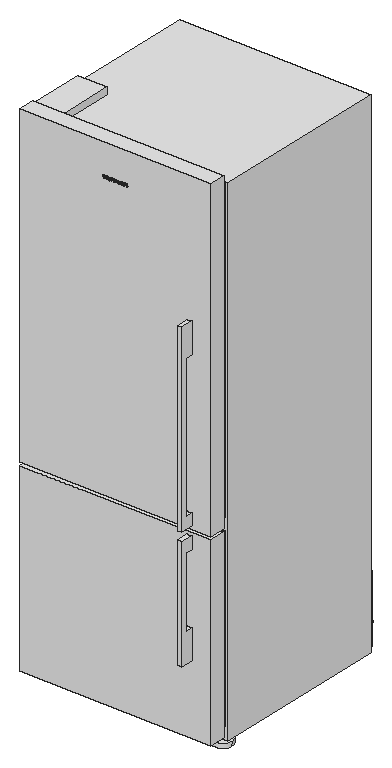
Revit family "Fisher & Paykel Fridge E402BLXFD4", category Generic Models, host Floor, Revit 2013
Parameters
  URL = "www.fisherpaykel.com"
  Model = "E402BLXFD4"
  Manufacturer = "Fisher&Paykel"
  Fridge = Fridge
  Designed by = "www.modlar.com"
  Description = "Fisher&Paykel Fridge E402BLXFD4"
Reference planes
  plane 1 "Center (Front/Back)": y = 0
  plane 2: z = 0
  plane 3 "Center (Left/Right)": x = 0
Dimensions and locks
  equal spacing: host sketch curve, plane 1 "Center (Front/Back)", host sketch curve
  equal spacing: host sketch curve, plane 3 "Center (Left/Right)", host sketch curve
  host sketch curve to host sketch curve = 3048.000 mm  (x2)
  aligned and locked: level to plane 2
Nested families
  nested 1: "E402BLRXFD4" at (0, 0, 0) x (-1, 0, 0) z (0, 0, 1), type "E402BLRXFD4"
Definition of nested family "E402BLRXFD4"
  Parameters (values of type "E402BLRXFD4")
    Width = 635.000 mm
    URL = "www.fisherpaykel.com"
    Manufacturer = "Fisher&Paykel"
    Fridge = Fridge
    Model = "E402BLXFDU4"
    Height = 1715.000 mm
    Description = "Fisher&Paykel Fridge E402BLXFDU4"
    Depth = 665.000 mm
  Reference planes
    plane 1 "Center (Front/Back)": y = 0
    plane 2: z = 0
    plane 3 "Center (Left/Right)": x = 0
    plane 4: x = -317.5
    plane 5: y = 332.5
    plane 6: y = -332.5
    plane 7: x = 317.5
    plane 8: z = 1715
    plane 9: y = -277.5
    plane 10: z = 24
    plane 11: z = 41
    plane 12: z = 629
    plane 13: z = 639
    plane 14: y = -373.5
    plane 15: x = -254.138
    plane 16: x = -239.5
    plane 17: z = 1283.576
    plane 18: z = 648
    plane 19: z = 619
    plane 20: z = 246
    plane 21: z = 1688
    plane 22: y = -107.5
    plane 23: x = 316.5
    plane 24: y = 362.5
    plane 25: z = 255
    plane 26: z = 225
    plane 27: x = -297.5
    plane 28: x = 297.5
    plane 29: z = 85
    plane 30: x = 280
    plane 31: y = 382.5
    plane 32: z = 1709.5
    plane 33: z = 1688
    plane 34: y = -262.3
    plane 35: x = -309.7
    plane 36: x = 309.7
    plane 37: z = 1682.5
    plane 38: z = 686.5
    plane 39: z = 649
    plane 40: z = 63
    plane 41: z = 14
    plane 42: y = -215.5
    plane 43: y = -164.5
    plane 44: x = 283
    plane 45: z = 1610
    plane 46: x = 87.062
    plane 47: z = 1247.676
    plane 48 "Ice": y = -277.7
    plane 49: y = -243.577
    plane 50: y = -174.677
    plane 51: y = 266.823
  Forms (mm)
    Extrusion 1, solid, material "Fridge" <- "Fridge"
      sketch origin (0, 0, 0) x (1, 0, 0) y (0, 1, 0)
        loop
          line (-317, 332.5) -> (-317, -262.3) -> (317, -262.3) -> (317, 332.5) -> (-317, 332.5)
      from 24 to 1688
    Extrusion 2, solid, material "Fridge" <- "Fridge"
      sketch origin (0, 0, 0) x (1, 0, 0) y (0, 0, 1)
        loop
          line (-317.5, 41) -> (317.5, 41) -> (317.5, 653) -> (-317.5, 653) -> (-317.5, 41)
        loop
          line (-317.5, 663) -> (317.5, 663) -> (317.5, 1715) -> (-317.5, 1715) -> (-317.5, 663)
      from 277.5 to 332.5
    Extrusion 3, solid, material "Fridge" <- "Fridge"
      sketch origin (0.362, 0, 0) x (0, 1, 0) y (0, 0, 1)
        loop
          line (-373.5, 1283.576) -> (-373.5, 672.5) -> (-332.5, 672.5) -> (-332.5, 712.5) -> (-359.031, 712.5) -> (-359.031, 1183.576) -> (-332.5, 1183.576) -> (-332.5, 1283.576) -> (-373.5, 1283.576)
        loop
          line (-373.5, 643.5) -> (-373.5, 270.5) -> (-332.5, 270.5) -> (-332.5, 370.5) -> (-359.031, 370.5) -> (-359.031, 603.5) -> (-332.5, 603.5) -> (-332.5, 643.5) -> (-373.5, 643.5)
      from -254.5 to -239.5
    Extrusion 4, solid, material "Fridge" <- "Fridge"
      sketch origin (0, 0, 0) x (0, 1, 0) y (0, 0, 1)
        loop
          line (362.5, 24) -> (362.5, 248.611) -> (332.5, 278.611) -> (332.5, 24) -> (362.5, 24)
      from -297 to 297
    Extrusion 5, solid, material "Fridge" <- "Fridge"
      sketch origin (0, 0, 0) x (0, 1, 0) y (0, 0, 1)
        loop
          line (-277.5, 62.25) -> (-262.3, 62.25) -> (-262.3, 648.25) -> (-277.5, 648.25) -> (-277.5, 62.25)
        loop
          line (-277.5, 685.5) -> (-262.3, 685.5) -> (-262.3, 1682.4) -> (-277.5, 1682.4) -> (-277.5, 685.5)
      from -309.7 to 309.7
    Extrusion 6, solid, material "Fridge" <- "Fridge"
      sketch origin (0, -15.277, 0) x (1, 0, 0) y (0, 1, 0)
        loop
          circle (-288, -228.3) r 5
        loop
          circle (288, -228.3) r 5
      from 14 to 24
    Extrusion 7, solid, material "Fridge" <- "Fridge"
      sketch origin (0, -15.381, 0) x (1, 0, 0) y (0, 1, 0)
        loop
          circle (-288, -228.3) r 30
        loop
          circle (288, -228.3) r 30
      from 0 to 14
    Extrusion 8, solid, material "Fridge" <- "Fridge"
      sketch origin (0, -2.38, 0.038) x (0, 1, 0) y (0, 0, 1)
        loop
          line (-148.297, 24) -> (-196.297, 24)
          arc (-196.297, 24) -> (-172.297, 0) -> (-148.297, 24) r 24
        loop
          arc (245.203, 24) -> (269.203, 0) -> (293.203, 24) r 24
          line (293.203, 24) -> (245.203, 24)
      from 248 to 265
    Extrusion 9, solid, material "Fridge" <- "Fridge"
      sketch origin (0, -2.342, 0) x (0, 1, 0) y (0, 0, -1)
        loop
          arc (-148.335, -24) -> (-172.335, 0) -> (-196.335, -24) r 24
          line (-196.335, -24) -> (-148.335, -24)
        loop
          line (245.165, -24) -> (293.165, -24)
          arc (293.165, -24) -> (269.165, 0) -> (245.165, -24) r 24
      from 248 to 265
    Extrusion 10, solid, material "Fridge" <- "Fridge"
      sketch origin (0, 0, 0) x (1, 0, 0) y (0, 1, 0)
        loop
          line (218.9, -92.5) -> (218.9, -277.5) -> (315.9, -277.5) -> (315.9, -92.5) -> (218.9, -92.5)
      from 1688 to 1709.5
    Extrusion 11, solid, material "Fridge" <- "Fridge"
      sketch origin (0.486, 0, 0) x (-1, 0, 0) y (0, 0, -1)
        loop
          circle (280, -85) r 5
      from -362.5 to -382.5
  Dimensions and locks
    equal spacing: plane 4, plane 3 "Center (Left/Right)", plane 7
    equal spacing: plane 5, plane 1 "Center (Front/Back)", plane 6
    "Depth": plane 5 to plane 6
    "Width": plane 4 to plane 7
    "Height": plane 8 to level
    plane 13 to plane 12 to plane 11 to plane 10 to level = 10.000 mm, 588.000 mm, 17.000 mm, 24.000 mm
    plane 14 to plane 6 = 41.000 mm
    plane 4 to plane 15 to plane 16 = 63.362 mm, 14.638 mm
    plane 21 to level = 1688.000 mm
    plane 22 to plane 9 = 170.000 mm
    plane 23 to plane 7 = 1.000 mm
    plane 24 to plane 6 = 695.000 mm
    level to plane 26 to plane 25 = 225.000 mm, 30.000 mm
    plane 4 to plane 27 = 20.000 mm
    plane 7 to plane 28 = 20.000 mm
    plane 29 to plane 10 = 61.000 mm
    plane 30 to plane 28 = 17.500 mm
    plane 31 to plane 24 = 20.000 mm
    plane 8 to plane 32 to plane 33 = 5.500 mm, 21.500 mm
    plane 34 to plane 9 = 15.200 mm
    plane 4 to plane 35 = 7.800 mm
    plane 7 to plane 36 = 7.800 mm
    plane 21 to plane 37 to plane 38 to plane 39 to plane 40 = 5.500 mm, 996.000 mm, 37.500 mm, 586.000 mm
    plane 10 to plane 41 = 10.000 mm
    plane 42 to plane 34 = 46.800 mm
    plane 6 to plane 9 to plane 34 = 55.000 mm, 15.200 mm
    plane 34 to plane 5 = 594.800 mm
    plane 20 to level = 246.000 mm
    plane 19 to level = 619.000 mm
    plane 12 to level = 629.000 mm
    plane 13 to level = 639.000 mm
    level to plane 18 = 648.000 mm
    level to plane 17 = 1283.576 mm
    plane 8 to plane 45 = 105.000 mm
    plane 4 to plane 15 = 63.362 mm
    plane 46 to Extrusion 2 = 404.562 mm
    plane 8 to plane 17 = 431.424 mm
    Extrusion 3 to Extrusion 3 = 611.076 mm
    Extrusion 3 to Extrusion 3 = 373.000 mm
    Extrusion 3 sketch curve to Extrusion 3 sketch curve = 100.000 mm
    Extrusion 2 to plane 47 = 467.324 mm
    plane 51 to plane 50 to plane 49 = 441.500 mm, 68.900 mm locked
    aligned and locked: plane 2 to level
    aligned and locked: Extrusion 1 sketch curve to plane 5
    aligned and locked: Extrusion 1 to plane 10
    aligned and locked: Extrusion 2 sketch curve to plane 11
    aligned and locked: Extrusion 2 sketch curve to plane 4  (x2)
    aligned and locked: Extrusion 2 sketch curve to plane 7
    aligned and locked: plane 14 to Extrusion 3 sketch curve  (x2)
    aligned and locked: Extrusion 3 sketch curve to plane 6  (x2)
    aligned and locked: plane 21 to Extrusion 1
    aligned and locked: Extrusion 2 sketch curve to plane 8
    aligned and locked: plane 24 to Extrusion 4 sketch curve
    aligned and locked: plane 10 to Extrusion 4 sketch curve
    aligned and locked: plane 5 to Extrusion 4 sketch curve
    aligned and locked: Extrusion 1 sketch curve to plane 34
    aligned and locked: plane 9 to Extrusion 5 sketch curve  (x2)
    aligned and locked: Extrusion 5 sketch curve to plane 34  (x2)
    aligned and locked: Extrusion 6 to Extrusion 1
    aligned and locked: plane 41 to Extrusion 6
    aligned and locked: Extrusion 7 to level
    aligned and locked: Extrusion 7 to Extrusion 6
    aligned and locked: plane 6 to Extrusion 2
    aligned and locked: Extrusion 10 to Extrusion 1
  Automatic sketch dimensions
    plane 4 to Extrusion 1 sketch curve = 0.500 mm
    plane 7 to Extrusion 1 sketch curve = 0.500 mm
    plane 7 to Extrusion 2 sketch curve = 0.000 mm
    Extrusion 2 sketch curve to plane 39 = 4.000 mm
    Extrusion 2 sketch curve to Extrusion 2 sketch curve = 10.000 mm
    Extrusion 3 sketch curve to plane 6 = 0.000 mm  (x2)
    plane 17 to Extrusion 3 sketch curve = 0.000 mm
    plane 14 to Extrusion 3 sketch curve = 14.469 mm  (x2)
    Extrusion 3 sketch curve to plane 38 = 26.000 mm
    plane 38 to Extrusion 3 sketch curve = 14.000 mm
    plane 13 to Extrusion 3 sketch curve = 4.500 mm
    plane 19 to Extrusion 3 sketch curve = 15.500 mm
    Extrusion 3 sketch curve to plane 25 = 115.500 mm
    Extrusion 3 sketch curve to plane 25 = 15.500 mm
    Extrusion 4 sketch curve to plane 20 = 2.611 mm
    Extrusion 4 sketch curve to plane 25 = 23.611 mm
    plane 40 to Extrusion 5 sketch curve = 0.750 mm
    Extrusion 5 sketch curve to plane 18 = 0.250 mm
    plane 38 to Extrusion 5 sketch curve = 1.000 mm
    plane 37 to Extrusion 5 sketch curve = 0.100 mm
    plane 27 to Extrusion 6 sketch curve = 9.500 mm
    plane 44 to Extrusion 6 sketch curve = 5.000 mm
    Extrusion 6 sketch curve to plane 34 = 18.723 mm  (x2)
    plane 27 to Extrusion 7 sketch curve = 9.500 mm
    plane 44 to Extrusion 7 sketch curve = 5.000 mm
    Extrusion 7 sketch curve to plane 34 = 18.619 mm  (x2)
    plane 10 to Extrusion 8 sketch curve = 0.038 mm  (x2)
    Extrusion 8 sketch curve to plane 42 = 16.823 mm
    Extrusion 8 sketch curve to plane 43 = 13.823 mm
    Extrusion 8 sketch curve to plane 5 = 89.677 mm
    Extrusion 8 sketch curve to plane 5 = 41.677 mm
    Extrusion 9 sketch curve to plane 10 = 0.000 mm  (x2)
    Extrusion 9 sketch curve to plane 42 = 16.823 mm
    Extrusion 9 sketch curve to plane 43 = 13.823 mm
    Extrusion 9 sketch curve to plane 5 = 89.677 mm
    Extrusion 9 sketch curve to plane 5 = 41.677 mm
    plane 9 to Extrusion 10 sketch curve = 0.000 mm
    Extrusion 10 sketch curve to plane 30 = 61.100 mm
    plane 22 to Extrusion 10 sketch curve = 15.000 mm
    Extrusion 10 sketch curve to plane 23 = 0.600 mm
    Extrusion 11 sketch curve to plane 29 = 0.000 mm
    Extrusion 11 sketch curve to plane 27 = 17.986 mm
    radius of Extrusion 6 sketch curve = 5.000 mm  (x2)
    radius of Extrusion 7 sketch curve = 30.000 mm  (x2)
    radius of Extrusion 11 sketch curve = 5.000 mm
  Nested families
    nested 1: "FP_logo80mm" at (-0.05, -332.5, 1610) x (1, 0, 0) z (0, -1, 0), type "FP_logo80mm"
  Definition of nested family "FP_logo80mm"
    Parameters (values of type "FP_logo80mm")
      thickness = 0.519 mm
      LOGO = logo
      Default Elevation = 1219.200 mm
    Reference planes
      plane 1 "Center (Front/Back)": y = 0
      plane 2: z = 0
      plane 3 "Center (Left/Right)": x = 0
      plane 4: x = -40
      plane 5: x = 40
    Forms (mm)
      Extrusion 1, solid
        sketch origin (0, 0, 0) x (1, 0, 0) y (0, 1, 0)
          loop
            line (-1219.2, 1219.2) -> (-1219.2, -1219.2) -> (1219.2, -1219.2) -> (1219.2, 1219.2) -> (-1219.2, 1219.2)
        from 0 to -304.8
      Extrusion 2, solid, material "logo" <- "LOGO"
        sketch origin (0, 0, 0) x (1, 0, 0) y (0, 1, 0)
          loop
            line (-39.973, 0) -> (-38.149, 0) -> (-37.324, 3.12) -> (-33.095, 3.12) -> (-32.769, 4.326) -> (-36.997, 4.326) -> (-36.455, 6.388) -> (-31.999, 6.388) -> (-31.672, 7.594) -> (-37.95, 7.594) -> (-39.973, 0)
          loop
            line (-33.174, 0) -> (-31.565, 0) -> (-30.155, 5.317) -> (-31.766, 5.317) -> (-33.174, 0)
          loop
            line (-31.153, 7.594) -> (-31.452, 6.503) -> (-29.842, 6.503) -> (-29.544, 7.594) -> (-31.153, 7.594)
          loop
            arc (-21.859, 3.41) -> (-20.516, 4.334) -> (-19.01, 3.711) r 1.707
            line (-19.01, 3.711) -> (-19.991, 0) -> (-18.382, 0) -> (-17.426, 3.618)
            arc (-17.426, 3.618) -> (-17.311, 4.103) -> (-17.426, 4.587) r 1.08
            arc (-17.426, 4.587) -> (-19.536, 5.409) -> (-21.585, 4.441) r 2.865
            line (-21.585, 4.441) -> (-20.746, 7.594) -> (-22.354, 7.594) -> (-24.375, 0) -> (-22.766, 0) -> (-21.859, 3.41)
          loop
            arc (-24.147, 3.86) -> (-24.152, 4.809) -> (-24.955, 5.317) r 0.989
            arc (-24.955, 5.317) -> (-26.921, 5.544) -> (-28.852, 5.113) r 5.952
            arc (-28.852, 5.113) -> (-29.51, 4.665) -> (-29.925, 3.985) r 1.892
            arc (-29.925, 3.985) -> (-29.93, 2.873) -> (-28.984, 2.287) r 1.139
            line (-28.984, 2.287) -> (-26.851, 2.194)
            arc (-26.851, 2.194) -> (-26.315, 1.457) -> (-26.993, 0.846) r 0.681
            line (-26.993, 0.846) -> (-28.246, 0.846)
            arc (-28.246, 0.846) -> (-28.752, 1.017) -> (-28.974, 1.502) r 0.672
            line (-28.974, 1.502) -> (-30.625, 1.526)
            arc (-30.625, 1.526) -> (-30.634, 0.738) -> (-30.121, 0.141) r 1.115
            arc (-30.121, 0.141) -> (-28.06, -0.087) -> (-26, 0.141) r 9.428
            arc (-26, 0.141) -> (-25.075, 0.727) -> (-24.489, 1.651) r 2.496
            arc (-24.489, 1.651) -> (-24.51, 2.62) -> (-25.339, 3.123) r 1.007
            line (-25.339, 3.123) -> (-27.936, 3.236)
            arc (-27.936, 3.236) -> (-28.346, 3.457) -> (-28.426, 3.915) r 0.534
            arc (-28.426, 3.915) -> (-27.05, 4.513) -> (-25.7, 3.86) r 1.798
            line (-25.7, 3.86) -> (-24.147, 3.86)
          loop
            line (-11.007, 2.426) -> (-10.727, 3.991)
            arc (-10.727, 3.991) -> (-11.116, 4.929) -> (-12.053, 5.317) r 1.326
            line (-12.053, 5.317) -> (-14.377, 5.317)
            arc (-14.377, 5.317) -> (-17.024, 3.101) -> (-15.507, 0) r 2.8
            arc (-15.507, 0) -> (-13.123, 0.051) -> (-11.264, 1.545) r 3.705
            line (-11.264, 1.545) -> (-12.783, 1.704)
            arc (-12.783, 1.704) -> (-14.548, 0.858) -> (-15.72, 2.426) r 1.541
            line (-15.72, 2.426) -> (-11.007, 2.426)
          loop
            line (-15.279, 3.222) -> (-12.375, 3.222)
            arc (-12.375, 3.222) -> (-13.827, 4.4) -> (-15.279, 3.222) r 1.484
          loop
            line (-10.979, 0) -> (-9.368, 0) -> (-8.545, 3.13)
            arc (-8.545, 3.13) -> (-7.593, 4.145) -> (-6.522, 3.257) r 1.015
            line (-6.522, 3.257) -> (-5.013, 3.257)
            arc (-5.013, 3.257) -> (-4.831, 4.255) -> (-5.224, 5.189) r 1.778
            arc (-5.224, 5.189) -> (-6.913, 5.358) -> (-8.325, 4.416) r 2.516
            line (-8.325, 4.416) -> (-7.961, 5.317) -> (-9.57, 5.317) -> (-10.979, 0)
          loop
            line (1.496, 3.051) -> (1.247, 2.119) -> (-0.805, 3.782)
            arc (-0.805, 3.782) -> (0.502, 3.925) -> (1.741, 4.363) r 5.69
            arc (1.741, 4.363) -> (2.199, 5.036) -> (2.337, 5.838) r 1.914
            arc (2.337, 5.838) -> (2.124, 6.385) -> (1.623, 6.689) r 0.914
            arc (1.623, 6.689) -> (0.05, 6.862) -> (-1.522, 6.689) r 7.232
            arc (-1.522, 6.689) -> (-2.247, 6.331) -> (-2.726, 5.679) r 1.704
            arc (-2.726, 5.679) -> (-2.957, 4.751) -> (-2.433, 3.951) r 1.195
            arc (-2.433, 3.951) -> (-3.605, 3.599) -> (-4.496, 2.76) r 2.656
            line (-4.496, 2.76) -> (-4.868, 1.542)
            arc (-4.868, 1.542) -> (-4.563, 0.454) -> (-3.528, 0) r 1.321
            arc (-3.528, 0) -> (-1.911, -0.118) -> (-0.293, 0) r 11.162
            arc (-0.293, 0) -> (0.658, 0.288) -> (1.483, 0.841) r 3.362
            line (1.483, 0.841) -> (2.546, 0) -> (3.313, 0.589) -> (1.987, 1.517)
            arc (1.987, 1.517) -> (2.291, 2.263) -> (2.456, 3.051) r 4.421
            line (2.456, 3.051) -> (1.496, 3.051)
          loop
            line (0.858, 1.329) -> (-1.93, 3.55)
            arc (-1.93, 3.55) -> (-3.097, 3.251) -> (-3.67, 2.191) r 1.502
            arc (-3.67, 2.191) -> (-3.639, 1.098) -> (-2.689, 0.559) r 1.112
            arc (-2.689, 0.559) -> (-0.837, 0.579) -> (0.858, 1.329) r 4.604
          loop
            arc (9.287, 2.448) -> (10.862, 2.797) -> (12.142, 3.779) r 3.728
            arc (12.142, 3.779) -> (12.63, 5.046) -> (12.833, 6.388) r 6.271
            arc (12.833, 6.388) -> (12.012, 7.359) -> (10.762, 7.594) r 1.901
            line (10.762, 7.594) -> (5.721, 7.594) -> (3.7, 0) -> (5.522, 0) -> (6.177, 2.448) -> (9.287, 2.448)
          loop
            line (7.217, 6.388) -> (6.505, 3.7) -> (9.019, 3.7)
            arc (9.019, 3.7) -> (9.752, 3.81) -> (10.42, 4.13) r 2.5
            line (10.42, 4.13) -> (10.851, 5.315)
            arc (10.851, 5.315) -> (10.537, 6.074) -> (9.778, 6.388) r 1.073
            line (9.778, 6.388) -> (7.217, 6.388)
          loop
            arc (14.178, 3.779) -> (14.386, 4.281) -> (14.888, 4.489) r 0.71
            arc (14.888, 4.489) -> (15.608, 4.553) -> (16.327, 4.489) r 4.081
            arc (16.327, 4.489) -> (16.761, 4.143) -> (16.709, 3.59) r 0.584
            line (16.709, 3.59) -> (16.454, 2.634)
            arc (16.454, 2.634) -> (14.254, 3.318) -> (12.121, 2.448) r 3.413
            arc (12.121, 2.448) -> (11.689, 1.04) -> (12.731, 0) r 1.427
            arc (12.731, 0) -> (14.479, -0.029) -> (16.064, 0.709) r 3.9
            line (16.064, 0.709) -> (15.513, -0.079) -> (17.382, 0) -> (18.307, 3.473)
            arc (18.307, 3.473) -> (18.406, 4.484) -> (17.676, 5.192) r 1.171
            arc (17.676, 5.192) -> (15.894, 5.513) -> (14.094, 5.317) r 6.337
            arc (14.094, 5.317) -> (13.178, 4.696) -> (12.556, 3.779) r 2.937
            line (12.556, 3.779) -> (14.178, 3.779)
          loop
            line (19.502, 0) -> (20.518, 0)
            arc (20.518, 0) -> (19.648, -1.072) -> (18.307, -1.401) r 2.165
            line (18.307, -1.401) -> (18.051, -2.334)
            arc (18.051, -2.334) -> (20.306, -2.036) -> (21.81, -0.331) r 3.242
            line (21.81, -0.331) -> (25.057, 5.317) -> (23.391, 5.317) -> (20.897, 0.831) -> (20.443, 5.317) -> (18.735, 5.317) -> (19.502, 0)
          loop
            line (26.487, 3.246) -> (27.638, 7.594) -> (26.03, 7.594) -> (24.008, 0) -> (25.618, 0) -> (26.243, 2.356) -> (28.165, 0) -> (30.144, 0) -> (28.11, 2.812) -> (31.085, 5.317) -> (29.234, 5.317) -> (26.487, 3.246)
          loop
            line (38.418, 7.594) -> (36.396, 0) -> (38.006, 0) -> (40.027, 7.594) -> (38.418, 7.594)
          loop
            line (36.424, 2.426) -> (36.704, 3.991)
            arc (36.704, 3.991) -> (36.316, 4.929) -> (35.378, 5.317) r 1.326
            line (35.378, 5.317) -> (33.054, 5.317)
            arc (33.054, 5.317) -> (30.407, 3.101) -> (31.924, 0) r 2.8
            arc (31.924, 0) -> (34.308, 0.051) -> (36.168, 1.545) r 3.705
            line (36.168, 1.545) -> (34.649, 1.704)
            arc (34.649, 1.704) -> (32.884, 0.858) -> (31.712, 2.426) r 1.541
            line (31.712, 2.426) -> (36.424, 2.426)
          loop
            line (32.153, 3.222) -> (35.057, 3.222)
            arc (35.057, 3.222) -> (33.605, 4.4) -> (32.153, 3.222) r 1.484
          loop
            arc (-1.277, 4.164) -> (0.093, 4.363) -> (1.244, 5.131) r 3.139
            arc (1.244, 5.131) -> (1.322, 5.648) -> (1.056, 6.098) r 0.779
            arc (1.056, 6.098) -> (-0.009, 6.236) -> (-1.073, 6.098) r 4.172
            arc (-1.073, 6.098) -> (-2.001, 5.218) -> (-1.277, 4.164) r 0.984
          loop
            spline (12.885, 1.386) -> (12.958, 1.19) -> (13.135, 1.017) -> (13.405, 0.878) -> (13.749, 0.784) -> (14.143, 0.74) -> (14.562, 0.75) -> (14.976, 0.813) -> (15.357, 0.925) -> (15.68, 1.077) -> (15.921, 1.261) -> (16.066, 1.462) -> (16.103, 1.668)
            spline (16.103, 1.668) -> (16.03, 1.864) -> (15.853, 2.038) -> (15.584, 2.176) -> (15.24, 2.27) -> (14.845, 2.314) -> (14.426, 2.304) -> (14.012, 2.241) -> (13.631, 2.13) -> (13.308, 1.977) -> (13.067, 1.794) -> (12.923, 1.592) -> (12.885, 1.386)
        from 0 to 0.519
    Dimensions and locks
      "thickness": Extrusion 2 to plane 2
      equal spacing: plane 4, plane 3 "Center (Left/Right)", plane 5
      plane 4 to plane 5 = 80.000 mm
      aligned and locked: plane 2 to Extrusion 1
      aligned and locked: level to Extrusion 1
    Automatic sketch dimensions
      Extrusion 1 sketch curve to Extrusion 1 sketch curve = 2438.400 mm  (x2)
      plane 1 "Center (Front/Back)" to Extrusion 2 sketch curve = 0.000 mm  (x19)
      plane 4 to Extrusion 2 sketch curve = 0.027 mm
      plane 1 "Center (Front/Back)" to Extrusion 2 sketch curve = 2.334 mm
      Extrusion 2 sketch curve to Extrusion 2 sketch curve = 1.823 mm
      plane 4 to Extrusion 2 sketch curve = 2.050 mm
      plane 4 to Extrusion 2 sketch curve = 2.676 mm
      Extrusion 2 sketch curve to Extrusion 2 sketch curve = 0.327 mm  (x2)
      Extrusion 2 sketch curve to Extrusion 2 sketch curve = 1.495 mm
      Extrusion 2 sketch curve to Extrusion 2 sketch curve = 4.975 mm
      Extrusion 2 sketch curve to Extrusion 2 sketch curve = 0.079 mm
      Extrusion 2 sketch curve to Extrusion 2 sketch curve = 0.326 mm
      Extrusion 2 sketch curve to Extrusion 2 sketch curve = 0.770 mm
      Extrusion 2 sketch curve to Extrusion 2 sketch curve = 0.233 mm
      Extrusion 2 sketch curve to Extrusion 2 sketch curve = 1.609 mm  (x3)
      Extrusion 2 sketch curve to Extrusion 2 sketch curve = 0.548 mm
      Extrusion 2 sketch curve to Extrusion 2 sketch curve = 0.520 mm
      Extrusion 2 sketch curve to plane 1 "Center (Front/Back)" = 1.526 mm
      Extrusion 2 sketch curve to Extrusion 2 sketch curve = 0.941 mm
      Extrusion 2 sketch curve to Extrusion 2 sketch curve = 1.611 mm  (x2)
      Extrusion 2 sketch curve to Extrusion 2 sketch curve = 0.313 mm
      Extrusion 2 sketch curve to Extrusion 2 sketch curve = 0.298 mm
      Extrusion 2 sketch curve to plane 1 "Center (Front/Back)" = 2.287 mm
      Extrusion 2 sketch curve to Extrusion 2 sketch curve = 1.641 mm
      Extrusion 2 sketch curve to plane 1 "Center (Front/Back)" = 1.502 mm
      Extrusion 2 sketch curve to Extrusion 2 sketch curve = 0.009 mm
      Extrusion 2 sketch curve to Extrusion 2 sketch curve = 0.728 mm
      Extrusion 2 sketch curve to plane 1 "Center (Front/Back)" = 3.236 mm
      Extrusion 2 sketch curve to Extrusion 2 sketch curve = 1.048 mm
      Extrusion 2 sketch curve to Extrusion 2 sketch curve = 1.253 mm  (x2)
      Extrusion 2 sketch curve to plane 1 "Center (Front/Back)" = 2.194 mm
      Extrusion 2 sketch curve to Extrusion 2 sketch curve = 0.142 mm
      Extrusion 2 sketch curve to Extrusion 2 sketch curve = 1.152 mm
      Extrusion 2 sketch curve to plane 1 "Center (Front/Back)" = 3.123 mm
      Extrusion 2 sketch curve to Extrusion 2 sketch curve = 0.361 mm
      Extrusion 2 sketch curve to Extrusion 2 sketch curve = 2.618 mm
      Extrusion 2 sketch curve to Extrusion 2 sketch curve = 1.192 mm
      Extrusion 2 sketch curve to plane 1 "Center (Front/Back)" = 7.594 mm
      Extrusion 2 sketch curve to Extrusion 2 sketch curve = 1.793 mm
      Extrusion 2 sketch curve to plane 1 "Center (Front/Back)" = 3.410 mm
      Extrusion 2 sketch curve to Extrusion 2 sketch curve = 2.288 mm
      Extrusion 2 sketch curve to plane 1 "Center (Front/Back)" = 4.441 mm
      Extrusion 2 sketch curve to Extrusion 2 sketch curve = 0.274 mm
      Extrusion 2 sketch curve to Extrusion 2 sketch curve = 1.608 mm  (x2)
      Extrusion 2 sketch curve to Extrusion 2 sketch curve = 2.776 mm
      Extrusion 2 sketch curve to plane 1 "Center (Front/Back)" = 3.711 mm
      Extrusion 2 sketch curve to Extrusion 2 sketch curve = 2.574 mm
      Extrusion 2 sketch curve to plane 1 "Center (Front/Back)" = 3.618 mm
      Extrusion 2 sketch curve to Extrusion 2 sketch curve = 1.584 mm
      Extrusion 2 sketch curve to Extrusion 2 sketch curve = 1.706 mm
      Extrusion 2 sketch curve to Extrusion 2 sketch curve = 0.441 mm  (x2)
      Extrusion 2 sketch curve to Extrusion 2 sketch curve = 0.902 mm
      Extrusion 2 sketch curve to plane 1 "Center (Front/Back)" = 1.704 mm  (x2)
      Extrusion 2 sketch curve to Extrusion 2 sketch curve = 2.496 mm  (x2)
      Extrusion 2 sketch curve to Extrusion 2 sketch curve = 0.408 mm  (x3)
      Extrusion 2 sketch curve to Extrusion 2 sketch curve = 0.322 mm  (x2)
      Extrusion 2 sketch curve to plane 1 "Center (Front/Back)" = 1.545 mm  (x2)
      Extrusion 2 sketch curve to Extrusion 2 sketch curve = 1.519 mm  (x2)
      Extrusion 2 sketch curve to Extrusion 2 sketch curve = 0.257 mm  (x2)
      Extrusion 2 sketch curve to Extrusion 2 sketch curve = 0.285 mm
      Extrusion 2 sketch curve to plane 1 "Center (Front/Back)" = 3.991 mm
      Extrusion 2 sketch curve to Extrusion 2 sketch curve = 1.326 mm  (x2)
      Extrusion 2 sketch curve to Extrusion 2 sketch curve = 1.157 mm
      Extrusion 2 sketch curve to plane 1 "Center (Front/Back)" = 3.130 mm
      Extrusion 2 sketch curve to Extrusion 2 sketch curve = 2.183 mm
      Extrusion 2 sketch curve to plane 1 "Center (Front/Back)" = 4.416 mm
      Extrusion 2 sketch curve to Extrusion 2 sketch curve = 0.219 mm
      Extrusion 2 sketch curve to Extrusion 2 sketch curve = 0.364 mm
      Extrusion 2 sketch curve to Extrusion 2 sketch curve = 2.023 mm
      Extrusion 2 sketch curve to Extrusion 2 sketch curve = 1.509 mm
      Extrusion 2 sketch curve to plane 1 "Center (Front/Back)" = 1.542 mm
      Extrusion 2 sketch curve to Extrusion 2 sketch curve = 0.145 mm
      Extrusion 2 sketch curve to Extrusion 2 sketch curve = 0.517 mm
      Extrusion 2 sketch curve to plane 3 "Center (Left/Right)" = 1.930 mm
      Extrusion 2 sketch curve to plane 3 "Center (Left/Right)" = 0.805 mm
      plane 3 "Center (Left/Right)" to Extrusion 2 sketch curve = 0.858 mm
      Extrusion 2 sketch curve to Extrusion 2 sketch curve = 0.389 mm
      Extrusion 2 sketch curve to Extrusion 2 sketch curve = 0.625 mm  (x2)
      Extrusion 2 sketch curve to Extrusion 2 sketch curve = 0.249 mm
      Extrusion 2 sketch curve to Extrusion 2 sketch curve = 0.504 mm
      Extrusion 2 sketch curve to Extrusion 2 sketch curve = 0.959 mm
      Extrusion 2 sketch curve to Extrusion 2 sketch curve = 1.063 mm
      Extrusion 2 sketch curve to plane 1 "Center (Front/Back)" = 0.589 mm
      Extrusion 2 sketch curve to Extrusion 2 sketch curve = 0.766 mm
      Extrusion 2 sketch curve to Extrusion 2 sketch curve = 0.388 mm
      Extrusion 2 sketch curve to Extrusion 2 sketch curve = 1.821 mm
      Extrusion 2 sketch curve to Extrusion 2 sketch curve = 3.265 mm
      Extrusion 2 sketch curve to Extrusion 2 sketch curve = 0.655 mm
      Extrusion 2 sketch curve to Extrusion 2 sketch curve = 0.328 mm
      Extrusion 2 sketch curve to Extrusion 2 sketch curve = 1.496 mm
      Extrusion 2 sketch curve to Extrusion 2 sketch curve = 2.514 mm
      Extrusion 2 sketch curve to Extrusion 2 sketch curve = 0.267 mm
      Extrusion 2 sketch curve to Extrusion 2 sketch curve = 0.492 mm
      Extrusion 2 sketch curve to plane 1 "Center (Front/Back)" = 4.130 mm
      Extrusion 2 sketch curve to Extrusion 2 sketch curve = 0.642 mm
      Extrusion 2 sketch curve to Extrusion 2 sketch curve = 0.983 mm
      Extrusion 2 sketch curve to plane 1 "Center (Front/Back)" = 5.315 mm
      Extrusion 2 sketch curve to Extrusion 2 sketch curve = 1.073 mm
      Extrusion 2 sketch curve to Extrusion 2 sketch curve = 2.136 mm
      Extrusion 2 sketch curve to Extrusion 2 sketch curve = 1.622 mm
      plane 1 "Center (Front/Back)" to Extrusion 2 sketch curve = 0.079 mm
      Extrusion 2 sketch curve to Extrusion 2 sketch curve = 1.335 mm
      Extrusion 2 sketch curve to plane 1 "Center (Front/Back)" = 0.709 mm
      Extrusion 2 sketch curve to Extrusion 2 sketch curve = 0.551 mm
      Extrusion 2 sketch curve to plane 1 "Center (Front/Back)" = 2.634 mm
      Extrusion 2 sketch curve to Extrusion 2 sketch curve = 0.390 mm
      Extrusion 2 sketch curve to plane 1 "Center (Front/Back)" = 3.590 mm
      Extrusion 2 sketch curve to Extrusion 2 sketch curve = 0.255 mm
      Extrusion 2 sketch curve to Extrusion 2 sketch curve = 1.318 mm
      Extrusion 2 sketch curve to Extrusion 2 sketch curve = 0.669 mm
      Extrusion 2 sketch curve to plane 1 "Center (Front/Back)" = 3.473 mm
      Extrusion 2 sketch curve to Extrusion 2 sketch curve = 1.598 mm
      plane 1 "Center (Front/Back)" to Extrusion 2 sketch curve = 1.401 mm
      Extrusion 2 sketch curve to Extrusion 2 sketch curve = 0.256 mm
      Extrusion 2 sketch curve to Extrusion 2 sketch curve = 0.428 mm
      Extrusion 2 sketch curve to Extrusion 2 sketch curve = 1.195 mm
      Extrusion 2 sketch curve to plane 1 "Center (Front/Back)" = 5.317 mm  (x3)
      Extrusion 2 sketch curve to Extrusion 2 sketch curve = 1.708 mm
      Extrusion 2 sketch curve to Extrusion 2 sketch curve = 1.016 mm
      Extrusion 2 sketch curve to plane 1 "Center (Front/Back)" = 0.831 mm
      Extrusion 2 sketch curve to Extrusion 2 sketch curve = 0.379 mm
      plane 1 "Center (Front/Back)" to Extrusion 2 sketch curve = 0.331 mm
      Extrusion 2 sketch curve to Extrusion 2 sketch curve = 1.292 mm
      Extrusion 2 sketch curve to Extrusion 2 sketch curve = 2.948 mm
      Extrusion 2 sketch curve to Extrusion 2 sketch curve = 2.198 mm
      Extrusion 2 sketch curve to Extrusion 2 sketch curve = 1.666 mm
      Extrusion 2 sketch curve to Extrusion 2 sketch curve = 1.610 mm  (x2)
      Extrusion 2 sketch curve to Extrusion 2 sketch curve = 0.973 mm
      Extrusion 2 sketch curve to plane 1 "Center (Front/Back)" = 2.356 mm
      Extrusion 2 sketch curve to plane 1 "Center (Front/Back)" = 3.246 mm
      Extrusion 2 sketch curve to Extrusion 2 sketch curve = 0.243 mm
      Extrusion 2 sketch curve to plane 1 "Center (Front/Back)" = 2.812 mm
      Extrusion 2 sketch curve to Extrusion 2 sketch curve = 1.623 mm
      Extrusion 2 sketch curve to Extrusion 2 sketch curve = 2.547 mm
      Extrusion 2 sketch curve to Extrusion 2 sketch curve = 1.124 mm
      Extrusion 2 sketch curve to Extrusion 2 sketch curve = 1.979 mm
      Extrusion 2 sketch curve to Extrusion 2 sketch curve = 1.851 mm
      Extrusion 2 sketch curve to Extrusion 2 sketch curve = 1.568 mm
      Extrusion 2 sketch curve to Extrusion 2 sketch curve = 1.969 mm
      Extrusion 2 sketch curve to Extrusion 2 sketch curve = 0.228 mm
      Extrusion 2 sketch curve to plane 5 = 1.582 mm
      plane 5 to Extrusion 2 sketch curve = 0.027 mm
      Extrusion 2 sketch curve to plane 1 "Center (Front/Back)" = 0.141 mm  (x2)
      Extrusion 2 sketch curve to Extrusion 2 sketch curve = 1.445 mm
      Extrusion 2 sketch curve to Extrusion 2 sketch curve = 0.230 mm
      Extrusion 2 sketch curve to Extrusion 2 sketch curve = 0.612 mm
      Extrusion 2 sketch curve to Extrusion 2 sketch curve = 0.998 mm
      Extrusion 2 sketch curve to Extrusion 2 sketch curve = 1.303 mm
      Extrusion 2 sketch curve to Extrusion 2 sketch curve = 0.000 mm  (x10)
      Extrusion 2 sketch curve to Extrusion 2 sketch curve = 0.508 mm
      Extrusion 2 sketch curve to Extrusion 2 sketch curve = 0.056 mm
      Extrusion 2 sketch curve to Extrusion 2 sketch curve = 0.203 mm
      Extrusion 2 sketch curve to Extrusion 2 sketch curve = 1.483 mm
      Extrusion 2 sketch curve to Extrusion 2 sketch curve = 0.226 mm
      Extrusion 2 sketch curve to Extrusion 2 sketch curve = 0.235 mm
      Extrusion 2 sketch curve to Extrusion 2 sketch curve = 0.012 mm
      plane 1 "Center (Front/Back)" to Extrusion 2 sketch curve = 0.400 mm
      Extrusion 2 sketch curve to Extrusion 2 sketch curve = 0.384 mm
      Extrusion 2 sketch curve to Extrusion 2 sketch curve = 0.044 mm
      Extrusion 2 sketch curve to Extrusion 2 sketch curve = 0.682 mm
      Extrusion 2 sketch curve to Extrusion 2 sketch curve = 0.063 mm
      Extrusion 2 sketch curve to Extrusion 2 sketch curve = 0.893 mm
      Extrusion 2 sketch curve to Extrusion 2 sketch curve = 1.327 mm
      Extrusion 2 sketch curve to Extrusion 2 sketch curve = 0.900 mm
      Extrusion 2 sketch curve to Extrusion 2 sketch curve = 0.619 mm
      Extrusion 2 sketch curve to Extrusion 2 sketch curve = 0.212 mm
      Extrusion 2 sketch curve to Extrusion 2 sketch curve = 0.563 mm  (x2)
      Extrusion 2 sketch curve to Extrusion 2 sketch curve = 0.459 mm  (x2)
      Extrusion 2 sketch curve to Extrusion 2 sketch curve = 0.106 mm  (x2)
      Extrusion 2 sketch curve to Extrusion 2 sketch curve = 1.015 mm
      Extrusion 2 sketch curve to Extrusion 2 sketch curve = 0.077 mm
      Extrusion 2 sketch curve to Extrusion 2 sketch curve = 0.217 mm
      Extrusion 2 sketch curve to Extrusion 2 sketch curve = 1.375 mm
      Extrusion 2 sketch curve to Extrusion 2 sketch curve = 0.826 mm
      Extrusion 2 sketch curve to Extrusion 2 sketch curve = 0.104 mm
      Extrusion 2 sketch curve to Extrusion 2 sketch curve = 0.038 mm
      Extrusion 2 sketch curve to Extrusion 2 sketch curve = 0.796 mm  (x2)
      Extrusion 2 sketch curve to Extrusion 2 sketch curve = 0.839 mm
      Extrusion 2 sketch curve to Extrusion 2 sketch curve = 0.880 mm
      Extrusion 2 sketch curve to Extrusion 2 sketch curve = 0.503 mm
      Extrusion 2 sketch curve to Extrusion 2 sketch curve = 0.513 mm
      Extrusion 2 sketch curve to Extrusion 2 sketch curve = 0.007 mm
      Extrusion 2 sketch curve to plane 3 "Center (Left/Right)" = 1.911 mm
      Extrusion 2 sketch curve to Extrusion 2 sketch curve = 0.913 mm  (x2)
      Extrusion 2 sketch curve to Extrusion 2 sketch curve = 0.034 mm
      Extrusion 2 sketch curve to plane 3 "Center (Left/Right)" = 1.522 mm
      Extrusion 2 sketch curve to Extrusion 2 sketch curve = 0.471 mm
      Extrusion 2 sketch curve to Extrusion 2 sketch curve = 0.627 mm
      Extrusion 2 sketch curve to Extrusion 2 sketch curve = 0.449 mm
      Extrusion 2 sketch curve to Extrusion 2 sketch curve = 0.491 mm
      Extrusion 2 sketch curve to Extrusion 2 sketch curve = 0.129 mm
      Extrusion 2 sketch curve to Extrusion 2 sketch curve = 0.025 mm
      Extrusion 2 sketch curve to plane 3 "Center (Left/Right)" = 0.763 mm
      Extrusion 2 sketch curve to plane 3 "Center (Left/Right)" = 0.009 mm
      plane 3 "Center (Left/Right)" to Extrusion 2 sketch curve = 0.050 mm
      plane 3 "Center (Left/Right)" to Extrusion 2 sketch curve = 0.425 mm
      Extrusion 2 sketch curve to Extrusion 2 sketch curve = 0.133 mm
      Extrusion 2 sketch curve to Extrusion 2 sketch curve = 0.631 mm
      Extrusion 2 sketch curve to Extrusion 2 sketch curve = 0.686 mm
      Extrusion 2 sketch curve to Extrusion 2 sketch curve = 0.368 mm
      Extrusion 2 sketch curve to Extrusion 2 sketch curve = 0.566 mm
      Extrusion 2 sketch curve to Extrusion 2 sketch curve = 0.497 mm
      Extrusion 2 sketch curve to Extrusion 2 sketch curve = 0.650 mm
      Extrusion 2 sketch curve to Extrusion 2 sketch curve = 0.204 mm
      Extrusion 2 sketch curve to Extrusion 2 sketch curve = 0.436 mm
      Extrusion 2 sketch curve to Extrusion 2 sketch curve = 0.414 mm
      Extrusion 2 sketch curve to Extrusion 2 sketch curve = 0.610 mm
      Extrusion 2 sketch curve to Extrusion 2 sketch curve = 1.778 mm
      Extrusion 2 sketch curve to Extrusion 2 sketch curve = 0.765 mm
      Extrusion 2 sketch curve to Extrusion 2 sketch curve = 0.189 mm
      Extrusion 2 sketch curve to Extrusion 2 sketch curve = 0.510 mm
      Extrusion 2 sketch curve to Extrusion 2 sketch curve = 0.084 mm
      Extrusion 2 sketch curve to Extrusion 2 sketch curve = 1.420 mm
      Extrusion 2 sketch curve to Extrusion 2 sketch curve = 0.710 mm
      Extrusion 2 sketch curve to Extrusion 2 sketch curve = 1.199 mm
      Extrusion 2 sketch curve to Extrusion 2 sketch curve = 0.457 mm
      Extrusion 2 sketch curve to Extrusion 2 sketch curve = 0.160 mm
      Extrusion 2 sketch curve to Extrusion 2 sketch curve = 0.485 mm
      Extrusion 2 sketch curve to Extrusion 2 sketch curve = 0.103 mm
      Extrusion 2 sketch curve to Extrusion 2 sketch curve = 0.598 mm
      Extrusion 2 sketch curve to Extrusion 2 sketch curve = 1.059 mm
      Extrusion 2 sketch curve to plane 1 "Center (Front/Back)" = 0.757 mm
      Extrusion 2 sketch curve to Extrusion 2 sketch curve = 0.292 mm
      Extrusion 2 sketch curve to Extrusion 2 sketch curve = 1.780 mm
      Extrusion 2 sketch curve to plane 1 "Center (Front/Back)" = 0.841 mm
      Extrusion 2 sketch curve to plane 1 "Center (Front/Back)" = 0.846 mm
      Extrusion 2 sketch curve to Extrusion 2 sketch curve = 0.488 mm
      Extrusion 2 sketch curve to Extrusion 2 sketch curve = 0.677 mm
      Extrusion 2 sketch curve to Extrusion 2 sketch curve = 0.791 mm
      Extrusion 2 sketch curve to Extrusion 2 sketch curve = 0.881 mm  (x2)
      Extrusion 2 sketch curve to Extrusion 2 sketch curve = 1.682 mm
      Extrusion 2 sketch curve to Extrusion 2 sketch curve = 1.218 mm
      Extrusion 2 sketch curve to Extrusion 2 sketch curve = 0.932 mm
      Extrusion 2 sketch curve to Extrusion 2 sketch curve = 1.594 mm
      Extrusion 2 sketch curve to Extrusion 2 sketch curve = 1.517 mm
      Extrusion 2 sketch curve to Extrusion 2 sketch curve = 0.498 mm
      Extrusion 2 sketch curve to Extrusion 2 sketch curve = 0.006 mm  (x2)
      Extrusion 2 sketch curve to Extrusion 2 sketch curve = 0.456 mm
      Extrusion 2 sketch curve to Extrusion 2 sketch curve = 0.737 mm
      Extrusion 2 sketch curve to Extrusion 2 sketch curve = 1.566 mm
      Extrusion 2 sketch curve to Extrusion 2 sketch curve = 1.206 mm  (x2)
      Extrusion 2 sketch curve to Extrusion 2 sketch curve = 0.991 mm
      Extrusion 2 sketch curve to Extrusion 2 sketch curve = 0.901 mm
      Extrusion 2 sketch curve to Extrusion 2 sketch curve = 2.063 mm
      Extrusion 2 sketch curve to Extrusion 2 sketch curve = 0.115 mm
      Extrusion 2 sketch curve to Extrusion 2 sketch curve = 2.277 mm  (x2)
      Extrusion 2 sketch curve to Extrusion 2 sketch curve = 1.091 mm
      Extrusion 2 sketch curve to Extrusion 2 sketch curve = 0.741 mm
      plane 1 "Center (Front/Back)" to Extrusion 2 sketch curve = 0.370 mm
      Extrusion 2 sketch curve to plane 1 "Center (Front/Back)" = 0.559 mm
      Extrusion 2 sketch curve to Extrusion 2 sketch curve = 0.740 mm
      Extrusion 2 sketch curve to Extrusion 2 sketch curve = 0.001 mm
      Extrusion 2 sketch curve to plane 1 "Center (Front/Back)" = 1.651 mm
      Extrusion 2 sketch curve to Extrusion 2 sketch curve = 0.372 mm
      Extrusion 2 sketch curve to Extrusion 2 sketch curve = 0.735 mm
      Extrusion 2 sketch curve to Extrusion 2 sketch curve = 0.091 mm
      Extrusion 2 sketch curve to Extrusion 2 sketch curve = 0.223 mm
      Extrusion 2 sketch curve to Extrusion 2 sketch curve = 0.397 mm  (x2)
      Extrusion 2 sketch curve to Extrusion 2 sketch curve = 0.340 mm
      Extrusion 2 sketch curve to Extrusion 2 sketch curve = 0.124 mm
      Extrusion 2 sketch curve to Extrusion 2 sketch curve = 0.382 mm
      Extrusion 2 sketch curve to Extrusion 2 sketch curve = 1.312 mm
      Extrusion 2 sketch curve to Extrusion 2 sketch curve = 0.089 mm
      Extrusion 2 sketch curve to Extrusion 2 sketch curve = 0.666 mm
      Extrusion 2 sketch curve to Extrusion 2 sketch curve = 0.401 mm
      Extrusion 2 sketch curve to Extrusion 2 sketch curve = 1.747 mm
